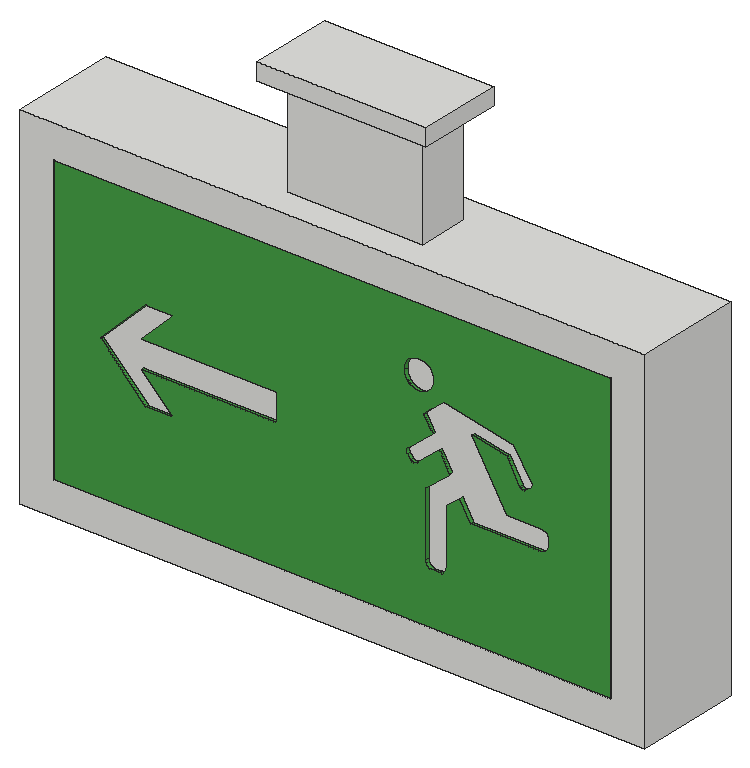
Revit family "T93062E Kubus65 Kombi LED syrefast stål LED driver_Tak", category Lighting Fixtures, Revit 2016
Family settings
  Part Type = Normal
  Round Connector Dimension = Use Diameter
  OmniClass Number = 23.80.70.11.21
  OmniClass Title = Emergency Lighting
  Work Plane-Based = No
  Always vertical = Yes
  Cut with Voids When Loaded = No
  Light Source = Yes
  Shared = No
  Room Calculation Point = No
Parameters (values of type "MarkeringsLys (Venstre)")
  Width 1 = 30 mm  # constant formula
  Width = 63.5 mm  # constant formula
  Wattage Comments = "17 W"
  Wattage = 9.2903 W
  built-in parameter 1150110 = 1 (stored number, unit not read)
  Voltage = 230 V
  URL = ""
  Type Comments = "-UN"
  built-in parameter 1114217 = 1 (stored number, unit not read)
  Tilt Angle = 90.00°
  built-in parameter 1150109 = 1 (stored number, unit not read)
  built-in parameter 1150134 = 3
  Symbol Positive Direction [instance] = yes
  Symbol Offset Side [instance] = 0 mm
  Symbol Offset Out [instance] = 0 mm
  built-in parameter 1150113 = 1 (stored number, unit not read)
  Reference Line Out [instance] = 50 mm
  Photometric Web File = "20x42A12.ies"
  Number of Poles = 1
  NS8360 = "4431_WT2"
  Markeringslys normal = no
  Markeringslys ikke normal = yes
  MarkeringsLys Venstre = yes
  MarkeringsLys Opp = no
  MarkeringsLys Ned = no
  MarkeringsLys Høyre = no
  MarkeringsLys 45 Opp mot venstre = no
  MarkeringsLys 45 Opp mot høyre = no
  MarkeringsLys 45 Ned mot venstre = no
  MarkeringsLys 45 Ned mot høyre = no
  MarkeringsLys = yes
  built-in parameter 1150105 = 109.82 (stored number, unit not read)
  Lumens = 1380 lm
  built-in parameter 1150115 = 1 (stored number, unit not read)
  Load Classification [instance] = Other
  Model = ""
  Manufacturer = "Honeywell"
  built-in parameter 1150137 = (empty or 0)
  built-in parameter 1150139 = (empty or 0)
  Length 3 = 80 mm  # constant formula
  Length 1 = Length - 40 mm  # 330 mm
  Length = 370 mm  # constant formula
  LedeLys = no
  built-in parameter 1150112 = 1 (stored number, unit not read)
  built-in parameter 1150114 = 1 (stored number, unit not read)
  Lamp = "1"
  Keynote = "WT2"
  built-in parameter 1150132 = (empty or 0)
  built-in parameter 1150102 = (empty or 0)
  built-in parameter 1150107 = 3200 (stored number, unit not read)
  built-in parameter 1150138 = (empty or 0)
  built-in parameter 1150106 = 1.0982 (stored number, unit not read)
  Height 2 = 70 mm  # constant formula
  Height 1 = Height - 39 mm  # 170 mm
  Height = 209 mm  # constant formula
  Emit from Rectangle Width = Height  # 209 mm
  Emit from Rectangle Length = Length  # 370 mm
  Emit Shape Visible in Rendering = no
  built-in parameter 1150104 = 13.8 (stored number, unit not read)
  Dimming Lamp Color Temperature Shift = <None>
  Description = ""
  Color Filter = 16777215
  Body Material and Colour = Steel
  built-in parameter 1114218 = 1 (stored number, unit not read)
  built-in parameter 1150133 = 10 (stored number, unit not read)
  Assembly Code = "4431"
  Apparent Load = 17 VA
Types (9, lengths in mm): name | NS8360 | Markeringslys normal | Markeringslys ikke normal | MarkeringsLys Venstre | MarkeringsLys Opp | MarkeringsLys Ned | MarkeringsLys Høyre | MarkeringsLys 45 Opp mot venstre | MarkeringsLys 45 Opp mot høyre | MarkeringsLys 45 Ned mot venstre | MarkeringsLys 45 Ned mot høyre | MarkeringsLys | LedeLys | Assembly Code
  LedeLys | "4432_WT2" | yes | no | no | no | no | no | no | no | no | no | no | yes | "4432"
  MarkeringsLys (Ned) | "4431_WT2" | yes | no | no | no | yes | no | no | no | no | no | yes | no | "4431"
  MarkeringsLys (Opp) | "4431_WT2" | yes | no | no | yes | no | no | no | no | no | no | yes | no | "4431"
  MarkeringsLys (45 Ned mot høyre) | "4431_WT2" | yes | no | no | no | no | no | no | no | no | yes | yes | no | "4431"
  MarkeringsLys (45 Ned mot venstre) | "4431_WT2" | no | yes | no | no | no | no | no | no | yes | no | yes | no | "4431"
  MarkeringsLys (45 Opp mot høyre) | "4431_WT2" | yes | no | no | no | no | no | no | yes | no | no | yes | no | "4431"
  MarkeringsLys (45 Opp mot venstre) | "4431_WT2" | no | yes | no | no | no | no | yes | no | no | no | yes | no | "4431"
  MarkeringsLys (Høyre) | "4431_WT2" | yes | no | no | no | no | yes | no | no | no | no | yes | no | "4431"
  MarkeringsLys (Venstre) | "4431_WT2" | no | yes | yes | no | no | no | no | no | no | no | yes | no | "4431"
Reference planes
  plane 1 "Light Source Axis (F/B)": y = 119.961
  plane 2 "Top": z = 83
  plane 3 "Light Source Axis (L/R)": x = 0
  plane 4 "Level": z = 0
  plane 5: x = -185
  plane 6: x = 185
  plane 7: x = -165
  plane 8: x = 165
  plane 9: z = -174.5
  plane 10: z = -70
  plane 11: z = -279
  plane 12: z = -89.5
  plane 13: z = -259.5
  plane 14: y = 151.711
  plane 15: y = 88.211
  plane 16: x = -40
  plane 17: x = 40
  plane 18: y = 134.961
  plane 19: y = 104.961
  plane 20: y = 90.211
  plane 21: y = 149.711
Forms (mm)
  Extrusion 1, solid, material "Steel" <- "Body Material and Colour"
    sketch origin (0, 119.961, -31.25) x (1, 0, 0) y (0, 0, 1)
      loop
        line (-185, -38.75) -> (-185, -247.75) -> (185, -247.75) -> (185, -38.75) -> (-185, -38.75)
      loop
        line (-165, -58.25) -> (-165, -228.25) -> (165, -228.25) -> (165, -58.25) -> (-165, -58.25)
    from -31.75 to 31.75
  Extrusion 2, solid, material "Steel" <- "Body Material and Colour"
    sketch origin (0, 0, 0) x (1, 0, 0) y (0, 1, 0)
      loop
        line (-40, 134.961) -> (-40, 104.961) -> (40, 104.961) -> (40, 134.961) -> (-40, 134.961)
    from 0 to -70
  Extrusion 3, solid, material "Steel" <- "Body Material and Colour"
    sketch origin (0, 0, 0) x (0, 1, 0) y (0, 0, 1)
      loop
        line (149.711, -70) -> (90.211, -70) -> (90.211, -279) -> (149.711, -279) -> (149.711, -70)
    from -185 to 185
  Extrusion 4, solid, material "Steel" <- "Body Material and Colour"
    sketch origin (0, 0, 0) x (1, 0, 0) y (0, 1, 0)
      loop
        line (-50, 144.961) -> (-50, 94.961) -> (50, 94.961) -> (50, 144.961) -> (-50, 144.961)
    from 0 to -10
Cuts and joins
  joined: Extrusion 1, Extrusion 2, Extrusion 3, Extrusion 4
Lines and regions (mm)
  model lines, style "InvisibleLines"
    curve 1: line (0, 119.961, 0) -> (0, 169.961, 0)
  symbolic lines, style "InvisibleLines"
    curve 2: line (0, 119.961, 0) -> (0, 119.961, 50)
Dimensions and locks
  equal spacing: plane 5, plane 3 "Light Source Axis (L/R)", plane 6
  "Length": plane 5 to plane 6
  equal spacing: plane 7, plane 3 "Light Source Axis (L/R)", plane 8
  "Length 1": plane 7 to plane 8
  "Reference Line Out": plane 1 "Light Source Axis (F/B)" to curve 1
  "Height 2": plane 4 "Level" to plane 10
  "Emit from Rectangle Width": plane 10 to plane 11
  equal spacing: plane 10, plane 9, plane 11
  equal spacing: plane 12, plane 9, plane 13
  "Height 1": plane 12 to plane 13
  equal spacing: plane 14, plane 1 "Light Source Axis (F/B)", plane 15
  "Width": plane 14 to plane 15
  equal spacing: plane 16, plane 3 "Light Source Axis (L/R)", plane 17
  "Length 3": plane 16 to plane 17
  equal spacing: plane 18, plane 1 "Light Source Axis (F/B)", plane 19
  "Width 1": plane 18 to plane 19
  locked: Extrusion 4 sketch curve to plane 16 at 10
  locked: plane 17 to Extrusion 4 sketch curve at 10
  locked: plane 19 to Extrusion 4 sketch curve at 10
  locked: plane 18 to Extrusion 4 sketch curve at 10
  aligned and locked: plane 4 "Level" to level
  aligned and locked: plane 3 "Light Source Axis (L/R)" to nested 2
  aligned and locked: plane 1 "Light Source Axis (F/B)" to nested 2
  aligned and locked: Extrusion 1 sketch curve to plane 6
  aligned and locked: plane 5 to Extrusion 1 sketch curve
  aligned and locked: Extrusion 1 sketch curve to plane 7
  aligned and locked: Extrusion 1 sketch curve to plane 8
  aligned and locked: plane 9 to imposter light
  aligned and locked: imposter light to plane 3 "Light Source Axis (L/R)"
  aligned and locked: plane 1 "Light Source Axis (F/B)" to curve 1
  aligned and locked: plane 3 "Light Source Axis (L/R)" to curve 1
  aligned and locked: Extrusion 2 to plane 10
  aligned and locked: Extrusion 1 to plane 11
  aligned and locked: plane 10 to Extrusion 1
  aligned and locked: nested 1 to plane 3 "Light Source Axis (L/R)"
  aligned and locked: Extrusion 1 to Extrusion 3 sketch curve
  aligned and locked: plane 3 "Light Source Axis (L/R)" to nested 4
  aligned and locked: nested 6 to plane 3 "Light Source Axis (L/R)"
  aligned and locked: nested 6 to plane 9
  aligned and locked: plane 3 "Light Source Axis (L/R)" to nested 5
  aligned and locked: plane 9 to nested 5
  aligned and locked: nested 8 to plane 3 "Light Source Axis (L/R)"
  aligned and locked: nested 8 to plane 9
  aligned and locked: plane 9 to nested 7
  aligned and locked: plane 3 "Light Source Axis (L/R)" to nested 7
  aligned and locked: nested 9 to plane 9
  aligned and locked: nested 9 to plane 3 "Light Source Axis (L/R)"
  aligned and locked: plane 9 to nested 4
  aligned and locked: plane 3 "Light Source Axis (L/R)" to nested 3
  aligned and locked: plane 9 to nested 3
  aligned and locked: plane 9 to nested 10
  aligned and locked: plane 3 "Light Source Axis (L/R)" to nested 10
  aligned and locked: nested 11 to plane 3 "Light Source Axis (L/R)"
  aligned and locked: nested 11 to plane 9
  aligned and locked: plane 9 to nested 12
  aligned and locked: nested 13 to plane 9
  aligned and locked: plane 3 "Light Source Axis (L/R)" to nested 12
  aligned and locked: nested 13 to plane 3 "Light Source Axis (L/R)"
  aligned and locked: nested 15 to plane 9
  aligned and locked: plane 9 to nested 14
  aligned and locked: plane 3 "Light Source Axis (L/R)" to nested 14
  aligned and locked: nested 15 to plane 3 "Light Source Axis (L/R)"
  aligned and locked: plane 3 "Light Source Axis (L/R)" to nested 16
  aligned and locked: nested 17 to plane 3 "Light Source Axis (L/R)"
  aligned and locked: nested 17 to plane 9
  aligned and locked: plane 9 to nested 16
  aligned and locked: plane 17 to Extrusion 2
  aligned and locked: Extrusion 2 to plane 16
  aligned and locked: plane 18 to Extrusion 2
  aligned and locked: Extrusion 2 to plane 19
  aligned and locked: plane 14 to cut or joined group of Extrusion 1, Extrusion 2, Extrusion 3, Extrusion 4
  aligned and locked: nested 16 to plane 15
  aligned and locked: nested 17 to plane 14
  aligned and locked: Extrusion 1 sketch curve to plane 12
  aligned and locked: Extrusion 1 sketch curve to plane 13
  aligned and locked: cut or joined group of Extrusion 1, Extrusion 2, Extrusion 3, Extrusion 4 to plane 15
  aligned and locked: cut or joined group of Extrusion 1, Extrusion 2, Extrusion 3, Extrusion 4 to plane 20
  aligned and locked: plane 21 to cut or joined group of Extrusion 1, Extrusion 2, Extrusion 3, Extrusion 4
  aligned and locked: imposter light to plane 14
  aligned and locked: nested 11 to plane 14
  aligned and locked: nested 10 to plane 15
  aligned and locked: nested 13 to plane 14
  aligned and locked: nested 12 to plane 15
  aligned and locked: nested 8 to plane 14
  aligned and locked: nested 5 to plane 15
  aligned and locked: nested 15 to plane 14
  aligned and locked: nested 14 to plane 15
  aligned and locked: nested 9 to plane 14
  aligned and locked: nested 7 to plane 15
  aligned and locked: nested 1 to plane 14
  aligned and locked: nested 3 to plane 15
  aligned and locked: nested 6 to plane 14
  aligned and locked: nested 4 to plane 15
  aligned and locked: plane 3 "Light Source Axis (L/R)" to curve 2
  aligned and locked: plane 4 "Level" to curve 2
  aligned and locked: imposter light to nested 18
  aligned and locked: plane 1 "Light Source Axis (F/B)" to nested 18
Automatic sketch dimensions
  Extrusion 1 sketch curve to plane 11 = 0 mm
  Extrusion 1 sketch curve to plane 10 = 0 mm
  Extrusion 2 sketch curve to plane 3 "Light Source Axis (L/R)" = 40 mm
  plane 3 "Light Source Axis (L/R)" to Extrusion 2 sketch curve = 40 mm
  Extrusion 2 sketch curve to plane 14 = 16.75 mm
  plane 15 to Extrusion 2 sketch curve = 16.75 mm
  Extrusion 3 sketch curve to plane 11 = 0 mm
  plane 1 "Light Source Axis (F/B)" to Extrusion 3 sketch curve = 29.75 mm
  Extrusion 3 sketch curve to plane 1 "Light Source Axis (F/B)" = 29.75 mm
  plane 2 "Top" to curve 2 = 33 mm
Nested families
  nested 1: "Formula 65_ned" at (0, 149.711, -174.5), type "Formula 65"
  nested 2: "LedelysS" at (0, 119.961, 0), visible <- "LedeLys", type "Type 1"
  nested 3: "Formula 65_ned" at (0, 90.211, -174.5), visible <- "MarkeringsLys Ned", type "Formula 65"
  nested 4: "Formula 65_opp" at (0, 90.211, -174.5), visible <- "MarkeringsLys Opp", type "Formula 65"
  nested 5: "Formula 65_skrått 45 grader ned mot venstre" at (0, 90.211, -174.5), type "Formula 65"
  nested 6: "Formula 65_opp" at (0, 149.711, -174.5), type "Formula 65"
  nested 7: "Formula 65_skrått 45 grader opp mot venstre" at (0, 90.211, -174.5), type "Formula 65"
  nested 8: "Formula 65_skrått 45 grader ned mot venstre" at (0, 149.711, -174.5), type "Formula 65"
  nested 9: "Formula 65_skrått 45 grader opp mot venstre" at (0, 149.711, -174.5), type "Formula 65"
  nested 10: "Formula 65_høyre" at (0, 90.211, -174.5), type "Formula 65"
  nested 11: "Formula 65_høyre" at (0, 149.711, -174.5), type "Formula 65"
  nested 12: "Formula 65_skrått 45 grader ned mot høyre" at (0, 90.211, -174.5), type "Formula 65"
  nested 13: "Formula 65_skrått 45 grader ned mot høyre" at (0, 149.711, -174.5), type "Formula 65"
  nested 14: "Formula 65_skrått 45 grader opp mot høyre" at (0, 90.211, -174.5), type "Formula 65"
  nested 15: "Formula 65_skrått 45 grader opp mot høyre" at (0, 149.711, -174.5), type "Formula 65"
  nested 16: "Formula 65_venstre" at (0, 90.211, -174.5), type "Formula 65"
  nested 17: "Formula 65_venstre" at (0, 149.711, -174.5), type "Formula 65"
  nested 18: "MarkeringslysDobbelS" at (0, 119.961, 0), visible <- "MarkeringsLys", type "Type 1"
    with Venstre yes, Opp no, Normal no, Ikke normal yes
Connectors
  electrical at (0, 119.961, 0), driven by "Number of Poles", driven by "Load Classification", driven by "Voltage", driven by "Apparent Load"
    settings: index 1, voltage 230 V, apparent load 0 VA, apparent load phase1 17 VA, apparent load phase2 0 VA, apparent load phase3 0 VA, power factor 1, load classification "Other", number of poles 1, system type 31, power factor state 1, is connector primary yes, connector utility no, sub classification motor no, connector description ""
Definition of nested family "Formula 65_venstre"
  Parameters (values of type "Formula 65")
    Venstre = yes
    L = 205 mm
    H = 135 mm
  Reference planes
    plane 1 "Center (Front/Back)": y = 0
    plane 2: z = 0
    plane 3 "Center (Left/Right)": x = 0
    plane 4: y = -2
  Forms (mm)
    Extrusion 1, solid, visible <- "Venstre"
      sketch origin (453.48, 0, -265.275) x (1, 0, 0) y (0, 0, 1)
        loop
          line (-288.48, 350.275) -> (-618.48, 350.275) -> (-618.48, 180.275) -> (-288.48, 180.275) -> (-288.48, 350.275)
        loop
          circle (-401.951, 312.164) r 8.743
        loop
          line (-394.79, 296.785) -> (-399.349, 292.225) -> (-394.237, 283.371) -> (-408.754, 271.19)
          arc (-408.754, 271.19) -> (-409.61, 269.546) -> (-409.052, 267.778) r 2.422
          line (-409.052, 267.778) -> (-406.977, 265.304)
          arc (-406.977, 265.304) -> (-405.333, 264.448) -> (-403.565, 265.006) r 2.422
          line (-403.565, 265.006) -> (-390.139, 276.272) -> (-383.991, 265.623) -> (-398.093, 253.79) -> (-398.093, 215.253)
          arc (-398.093, 215.253) -> (-396.911, 212.399) -> (-394.056, 211.217) r 4.036
          line (-394.056, 211.217) -> (-390.02, 211.217)
          arc (-390.02, 211.217) -> (-387.166, 212.399) -> (-385.984, 215.253) r 4.036
          line (-385.984, 215.253) -> (-385.984, 248.144) -> (-377.843, 254.975) -> (-371.394, 243.805) -> (-329.475, 243.805)
          arc (-329.475, 243.805) -> (-326.621, 244.987) -> (-325.439, 247.841) r 4.036
          line (-325.439, 247.841) -> (-325.439, 251.878)
          arc (-325.439, 251.878) -> (-326.621, 254.732) -> (-329.475, 255.914) r 4.036
          line (-329.475, 255.914) -> (-350.421, 255.914) -> (-370.749, 291.125) -> (-349.745, 287.035) -> (-342.179, 273.93)
          arc (-342.179, 273.93) -> (-340.647, 272.786) -> (-338.763, 273.11) r 2.422
          line (-338.763, 273.11) -> (-335.966, 274.927)
          arc (-335.966, 274.927) -> (-334.916, 276.454) -> (-335.254, 278.277) r 2.422
          line (-335.254, 278.277) -> (-345.781, 294.487) -> (-387.782, 302.665) -> (-394.79, 296.785)
        loop
          line (-563.943, 292.337) -> (-591.005, 265.275) -> (-563.943, 238.213) -> (-547.706, 238.213) -> (-566.649, 257.156) -> (-486.505, 257.156) -> (-486.505, 273.393) -> (-566.649, 273.393) -> (-547.706, 292.337) -> (-563.943, 292.337)
      from 0 to 2
  Dimensions and locks
    aligned and locked: level to plane 2
Definition of nested family "Formula 65_ned"
  Parameters (values of type "Formula 65")
    Ned = no
    L = 205 mm
    H = 135 mm
  Reference planes
    plane 1 "Center (Front/Back)": y = 0
    plane 2: z = 0
    plane 3 "Center (Left/Right)": x = 0
    plane 4: y = -2
  Forms (mm)
    Extrusion 1, solid, visible <- "Ned"
      sketch origin (453.48, 0, -265.275) x (1, 0, 0) y (0, 0, 1)
        loop
          line (-288.48, 350.275) -> (-618.48, 350.275) -> (-618.48, 180.275) -> (-288.48, 180.275) -> (-288.48, 350.275)
        loop
          line (-505.328, 240.087) -> (-505.328, 256.324) -> (-524.271, 237.38) -> (-524.271, 317.525) -> (-540.508, 317.525) -> (-540.508, 237.38) -> (-559.451, 256.324) -> (-559.451, 240.087) -> (-532.389, 213.025) -> (-505.328, 240.087)
        loop
          circle (-416.951, 312.164) r 8.743
        loop
          line (-409.79, 296.785) -> (-414.349, 292.225) -> (-409.237, 283.371) -> (-423.754, 271.19)
          arc (-423.754, 271.19) -> (-424.61, 269.546) -> (-424.052, 267.778) r 2.422
          line (-424.052, 267.778) -> (-421.977, 265.304)
          arc (-421.977, 265.304) -> (-420.333, 264.448) -> (-418.565, 265.006) r 2.422
          line (-418.565, 265.006) -> (-405.139, 276.272) -> (-398.991, 265.623) -> (-413.093, 253.79) -> (-413.093, 215.253)
          arc (-413.093, 215.253) -> (-411.911, 212.399) -> (-409.056, 211.217) r 4.036
          line (-409.056, 211.217) -> (-405.02, 211.217)
          arc (-405.02, 211.217) -> (-402.166, 212.399) -> (-400.984, 215.253) r 4.036
          line (-400.984, 215.253) -> (-400.984, 248.144) -> (-392.843, 254.975) -> (-386.394, 243.805) -> (-344.475, 243.805)
          arc (-344.475, 243.805) -> (-341.621, 244.987) -> (-340.439, 247.841) r 4.036
          line (-340.439, 247.841) -> (-340.439, 251.878)
          arc (-340.439, 251.878) -> (-341.621, 254.732) -> (-344.475, 255.914) r 4.036
          line (-344.475, 255.914) -> (-365.421, 255.914) -> (-385.749, 291.125) -> (-364.745, 287.035) -> (-357.179, 273.93)
          arc (-357.179, 273.93) -> (-355.647, 272.786) -> (-353.763, 273.11) r 2.422
          line (-353.763, 273.11) -> (-350.966, 274.927)
          arc (-350.966, 274.927) -> (-349.916, 276.454) -> (-350.254, 278.277) r 2.422
          line (-350.254, 278.277) -> (-360.781, 294.487) -> (-402.782, 302.665) -> (-409.79, 296.785)
      from 0 to 2
  Dimensions and locks
    aligned and locked: level to plane 2
Definition of nested family "LedelysS"
  Parameters
    CQ Symbol Positive Direction = yes
    CQ Symbol Negative Direction = not(CQ Symbol Positive Direction)  # no
    CQ Symbol Offset Side = 0 mm
    CQ Symbol Offset Out = 0 mm
  Reference planes
    plane 1: y = 0
    plane 2: x = 0
  Dimensions and locks
    "CQ Symbol Offset Out": plane 1 to nested 1
    "CQ Symbol Offset Out": plane 1 to nested 2
    "CQ Symbol Offset Side": plane 2 to nested 2
    "CQ Symbol Offset Side": nested 1 to plane 2
  Nested families
    nested 1: "LedelysSub" at (0, 0, 0), visible <- "CQ Symbol Negative Direction", type "Type 1"
    nested 2: "LedelysSub" at (0, 0, 0), visible <- "CQ Symbol Positive Direction", type "Type 1"
  Definition of nested family "LedelysSub"
    Reference planes
      plane 1: y = 0
      plane 2: x = 0
    Lines and regions (mm)
      detail lines
        curve 1: line (-4, -2, 0) -> (4, -2, 0)
        curve 2: line (4, -2, 0) -> (4, 2, 0)
        curve 3: line (4, 2, 0) -> (-4, 2, 0)
        curve 4: line (-4, 2, 0) -> (-4, -2, 0)
        curve 5: line (-3.097, -1.25, 0) -> (-0.597, 1.25, 0)
        curve 6: line (-3.097, 1.25, 0) -> (-0.597, -1.25, 0)
        curve 7: circle (-1.847, 0, 0) r 1.2 normal (0, 0, 1)
    Text (mm)
      text "LL" at (2.179, 1.025, 0)
Definition of nested family "Formula 65_opp"
  Parameters (values of type "Formula 65")
    Up = no
    L = 205 mm
    H = 135 mm
  Reference planes
    plane 1 "Center (Front/Back)": y = 0
    plane 2: z = 0
    plane 3 "Center (Left/Right)": x = 0
    plane 4: y = -2
  Forms (mm)
    Extrusion 1, solid, visible <- "Up"
      sketch origin (453.48, 0, -265.275) x (1, 0, 0) y (0, 0, 1)
        loop
          line (-288.48, 350.275) -> (-618.48, 350.275) -> (-618.48, 180.275) -> (-288.48, 180.275) -> (-288.48, 350.275)
        loop
          circle (-406.951, 312.164) r 8.743
        loop
          line (-399.79, 296.785) -> (-404.349, 292.225) -> (-399.237, 283.371) -> (-413.754, 271.19)
          arc (-413.754, 271.19) -> (-414.61, 269.546) -> (-414.052, 267.778) r 2.422
          line (-414.052, 267.778) -> (-411.977, 265.304)
          arc (-411.977, 265.304) -> (-410.333, 264.448) -> (-408.565, 265.006) r 2.422
          line (-408.565, 265.006) -> (-395.139, 276.272) -> (-388.991, 265.623) -> (-403.093, 253.79) -> (-403.093, 215.253)
          arc (-403.093, 215.253) -> (-401.911, 212.399) -> (-399.056, 211.217) r 4.036
          line (-399.056, 211.217) -> (-395.02, 211.217)
          arc (-395.02, 211.217) -> (-392.166, 212.399) -> (-390.984, 215.253) r 4.036
          line (-390.984, 215.253) -> (-390.984, 248.144) -> (-382.843, 254.975) -> (-376.394, 243.805) -> (-334.475, 243.805)
          arc (-334.475, 243.805) -> (-331.621, 244.987) -> (-330.439, 247.841) r 4.036
          line (-330.439, 247.841) -> (-330.439, 251.878)
          arc (-330.439, 251.878) -> (-331.621, 254.732) -> (-334.475, 255.914) r 4.036
          line (-334.475, 255.914) -> (-355.421, 255.914) -> (-375.749, 291.125) -> (-354.745, 287.035) -> (-347.179, 273.93)
          arc (-347.179, 273.93) -> (-345.647, 272.786) -> (-343.763, 273.11) r 2.422
          line (-343.763, 273.11) -> (-340.966, 274.927)
          arc (-340.966, 274.927) -> (-339.916, 276.454) -> (-340.254, 278.277) r 2.422
          line (-340.254, 278.277) -> (-350.781, 294.487) -> (-392.782, 302.665) -> (-399.79, 296.785)
        loop
          line (-505.328, 290.463) -> (-532.389, 317.525) -> (-559.451, 290.463) -> (-559.451, 274.226) -> (-540.508, 293.169) -> (-540.508, 213.025) -> (-524.271, 213.025) -> (-524.271, 293.169) -> (-505.328, 274.226) -> (-505.328, 290.463)
      from 0 to 2
  Dimensions and locks
    aligned and locked: level to plane 2
Definition of nested family "Formula 65_skrått 45 grader ned mot venstre"
  Parameters (values of type "Formula 65")
    L = 205 mm
    H = 135 mm
    45 ned mot venstre = no
  Reference planes
    plane 1 "Center (Front/Back)": y = 0
    plane 2: z = 0
    plane 3 "Center (Left/Right)": x = 0
    plane 4: y = -2
  Forms (mm)
    Extrusion 1, solid, visible <- "45 ned mot venstre"
      sketch origin (453.48, 0, -265.275) x (1, 0, 0) y (0, 0, 1)
        loop
          line (-288.48, 350.275) -> (-618.48, 350.275) -> (-618.48, 180.275) -> (-288.48, 180.275) -> (-288.48, 350.275)
        loop
          circle (-416.951, 312.164) r 8.743
        loop
          line (-409.79, 296.785) -> (-414.349, 292.225) -> (-409.237, 283.371) -> (-423.754, 271.19)
          arc (-423.754, 271.19) -> (-424.61, 269.546) -> (-424.052, 267.778) r 2.422
          line (-424.052, 267.778) -> (-421.977, 265.304)
          arc (-421.977, 265.304) -> (-420.333, 264.448) -> (-418.565, 265.006) r 2.422
          line (-418.565, 265.006) -> (-405.139, 276.272) -> (-398.991, 265.623) -> (-413.093, 253.79) -> (-413.093, 215.253)
          arc (-413.093, 215.253) -> (-411.911, 212.399) -> (-409.056, 211.217) r 4.036
          line (-409.056, 211.217) -> (-405.02, 211.217)
          arc (-405.02, 211.217) -> (-402.166, 212.399) -> (-400.984, 215.253) r 4.036
          line (-400.984, 215.253) -> (-400.984, 248.144) -> (-392.843, 254.975) -> (-386.394, 243.805) -> (-344.475, 243.805)
          arc (-344.475, 243.805) -> (-341.621, 244.987) -> (-340.439, 247.841) r 4.036
          line (-340.439, 247.841) -> (-340.439, 251.878)
          arc (-340.439, 251.878) -> (-341.621, 254.732) -> (-344.475, 255.914) r 4.036
          line (-344.475, 255.914) -> (-365.421, 255.914) -> (-385.749, 291.125) -> (-364.745, 287.035) -> (-357.179, 273.93)
          arc (-357.179, 273.93) -> (-355.647, 272.786) -> (-353.763, 273.11) r 2.422
          line (-353.763, 273.11) -> (-350.966, 274.927)
          arc (-350.966, 274.927) -> (-349.916, 276.454) -> (-350.254, 278.277) r 2.422
          line (-350.254, 278.277) -> (-360.781, 294.487) -> (-402.782, 302.665) -> (-409.79, 296.785)
        loop
          line (-588.076, 266.6) -> (-588.076, 228.328) -> (-549.805, 228.328) -> (-538.323, 239.81) -> (-565.113, 239.81) -> (-508.443, 296.48) -> (-519.924, 307.962) -> (-576.595, 251.291) -> (-576.595, 278.081) -> (-588.076, 266.6)
      from 0 to 2
  Dimensions and locks
    aligned and locked: level to plane 2
Definition of nested family "Formula 65_skrått 45 grader opp mot venstre"
  Parameters (values of type "Formula 65")
    L = 205 mm
    H = 135 mm
    45 opp mot venstre = no
  Reference planes
    plane 1 "Center (Front/Back)": y = 0
    plane 2: z = 0
    plane 3 "Center (Left/Right)": x = 0
    plane 4: y = -2
  Forms (mm)
    Extrusion 1, solid, visible <- "45 opp mot venstre"
      sketch origin (453.48, 0, -265.275) x (1, 0, 0) y (0, 0, 1)
        loop
          line (-288.48, 350.275) -> (-618.48, 350.275) -> (-618.48, 180.275) -> (-288.48, 180.275) -> (-288.48, 350.275)
        loop
          circle (-420.272, 307.901) r 7.948
        loop
          line (-413.762, 293.92) -> (-417.907, 289.775) -> (-413.259, 281.726) -> (-426.456, 270.652)
          arc (-426.456, 270.652) -> (-427.234, 269.157) -> (-426.728, 267.55) r 2.202
          line (-426.728, 267.55) -> (-424.841, 265.302)
          arc (-424.841, 265.302) -> (-423.346, 264.524) -> (-421.739, 265.03) r 2.202
          line (-421.739, 265.03) -> (-409.533, 275.272) -> (-403.944, 265.592) -> (-416.764, 254.834) -> (-416.764, 219.801)
          arc (-416.764, 219.801) -> (-415.69, 217.206) -> (-413.095, 216.131) r 3.669
          line (-413.095, 216.131) -> (-409.425, 216.131)
          arc (-409.425, 216.131) -> (-406.831, 217.206) -> (-405.756, 219.801) r 3.669
          line (-405.756, 219.801) -> (-405.756, 249.701) -> (-398.355, 255.911) -> (-392.493, 245.757) -> (-354.384, 245.757)
          arc (-354.384, 245.757) -> (-351.79, 246.832) -> (-350.715, 249.426) r 3.669
          line (-350.715, 249.426) -> (-350.715, 253.096)
          arc (-350.715, 253.096) -> (-351.79, 255.69) -> (-354.384, 256.765) r 3.669
          line (-354.384, 256.765) -> (-373.426, 256.765) -> (-391.907, 288.775) -> (-372.812, 285.056) -> (-365.934, 273.144)
          arc (-365.934, 273.144) -> (-364.541, 272.104) -> (-362.828, 272.398) r 2.202
          line (-362.828, 272.398) -> (-360.285, 274.049)
          arc (-360.285, 274.049) -> (-359.331, 275.438) -> (-359.638, 277.095) r 2.202
          line (-359.638, 277.095) -> (-369.208, 291.831) -> (-407.391, 299.266) -> (-413.762, 293.92)
        loop
          line (-575.84, 264.07) -> (-565.402, 253.633) -> (-565.402, 277.987) -> (-513.883, 226.468) -> (-503.446, 236.906) -> (-554.965, 288.425) -> (-530.61, 288.425) -> (-541.048, 298.862) -> (-575.84, 298.862) -> (-575.84, 264.07)
      from 0 to 2
  Dimensions and locks
    aligned and locked: level to plane 2
Definition of nested family "Formula 65_høyre"
  Parameters (values of type "Formula 65")
    L = 205 mm
    Høyre = no
    H = 135 mm
  Reference planes
    plane 1 "Center (Front/Back)": y = 0
    plane 2: z = 0
    plane 3 "Center (Left/Right)": x = 0
    plane 4: y = -2
  Forms (mm)
    Extrusion 1, solid, visible <- "Høyre"
      sketch origin (453.48, 0, -265.275) x (1, 0, 0) y (0, 0, 1)
        loop
          line (-288.48, 350.275) -> (-618.48, 350.275) -> (-618.48, 180.275) -> (-288.48, 180.275) -> (-288.48, 350.275)
        loop
          circle (-490.008, 312.164) r 8.743
        loop
          line (-497.169, 296.785) -> (-504.177, 302.665) -> (-546.178, 294.487) -> (-556.705, 278.277)
          arc (-556.705, 278.277) -> (-557.043, 276.454) -> (-555.993, 274.927) r 2.422
          line (-555.993, 274.927) -> (-553.196, 273.11)
          arc (-553.196, 273.11) -> (-551.312, 272.786) -> (-549.78, 273.93) r 2.422
          line (-549.78, 273.93) -> (-542.214, 287.035) -> (-521.21, 291.125) -> (-541.539, 255.914) -> (-562.484, 255.914)
          arc (-562.484, 255.914) -> (-565.338, 254.732) -> (-566.52, 251.878) r 4.036
          line (-566.52, 251.878) -> (-566.52, 247.841)
          arc (-566.52, 247.841) -> (-565.338, 244.987) -> (-562.484, 243.805) r 4.036
          line (-562.484, 243.805) -> (-520.565, 243.805) -> (-514.116, 254.975) -> (-505.975, 248.144) -> (-505.975, 215.253)
          arc (-505.975, 215.253) -> (-504.793, 212.399) -> (-501.939, 211.217) r 4.036
          line (-501.939, 211.217) -> (-497.903, 211.217)
          arc (-497.903, 211.217) -> (-495.049, 212.399) -> (-493.866, 215.253) r 4.036
          line (-493.866, 215.253) -> (-493.866, 253.79) -> (-507.968, 265.623) -> (-501.82, 276.272) -> (-488.394, 265.006)
          arc (-488.394, 265.006) -> (-486.627, 264.448) -> (-484.982, 265.304) r 2.422
          line (-484.982, 265.304) -> (-482.907, 267.778)
          arc (-482.907, 267.778) -> (-482.349, 269.546) -> (-483.205, 271.19) r 2.422
          line (-483.205, 271.19) -> (-497.722, 283.371) -> (-492.61, 292.225) -> (-497.169, 296.785)
        loop
          line (-343.016, 292.337) -> (-359.253, 292.337) -> (-340.31, 273.393) -> (-420.455, 273.393) -> (-420.455, 257.156) -> (-340.31, 257.156) -> (-359.253, 238.213) -> (-343.016, 238.213) -> (-315.955, 265.275) -> (-343.016, 292.337)
      from 0 to 2
  Dimensions and locks
    aligned and locked: level to plane 2
Definition of nested family "Formula 65_skrått 45 grader ned mot høyre"
  Parameters (values of type "Formula 65")
    L = 205 mm
    H = 135 mm
    45 ned mot høyre = no
  Reference planes
    plane 1 "Center (Front/Back)": y = 0
    plane 2: z = 0
    plane 3 "Center (Left/Right)": x = 0
    plane 4: y = -2
  Forms (mm)
    Extrusion 1, solid, visible <- "45 ned mot høyre"
      sketch origin (453.48, 0, -265.275) x (1, 0, 0) y (0, 0, 1)
        loop
          line (-288.48, 350.275) -> (-618.48, 350.275) -> (-618.48, 180.275) -> (-288.48, 180.275) -> (-288.48, 350.275)
        loop
          circle (-490.008, 312.164) r 8.743
        loop
          line (-497.169, 296.785) -> (-504.177, 302.665) -> (-546.178, 294.487) -> (-556.705, 278.277)
          arc (-556.705, 278.277) -> (-557.043, 276.454) -> (-555.993, 274.927) r 2.422
          line (-555.993, 274.927) -> (-553.196, 273.11)
          arc (-553.196, 273.11) -> (-551.312, 272.786) -> (-549.78, 273.93) r 2.422
          line (-549.78, 273.93) -> (-542.214, 287.035) -> (-521.21, 291.125) -> (-541.539, 255.914) -> (-562.484, 255.914)
          arc (-562.484, 255.914) -> (-565.338, 254.732) -> (-566.52, 251.878) r 4.036
          line (-566.52, 251.878) -> (-566.52, 247.841)
          arc (-566.52, 247.841) -> (-565.338, 244.987) -> (-562.484, 243.805) r 4.036
          line (-562.484, 243.805) -> (-520.565, 243.805) -> (-514.116, 254.975) -> (-505.975, 248.144) -> (-505.975, 215.253)
          arc (-505.975, 215.253) -> (-504.793, 212.399) -> (-501.939, 211.217) r 4.036
          line (-501.939, 211.217) -> (-497.903, 211.217)
          arc (-497.903, 211.217) -> (-495.049, 212.399) -> (-493.866, 215.253) r 4.036
          line (-493.866, 215.253) -> (-493.866, 253.79) -> (-507.968, 265.623) -> (-501.82, 276.272) -> (-488.394, 265.006)
          arc (-488.394, 265.006) -> (-486.627, 264.448) -> (-484.982, 265.304) r 2.422
          line (-484.982, 265.304) -> (-482.907, 267.778)
          arc (-482.907, 267.778) -> (-482.349, 269.546) -> (-483.205, 271.19) r 2.422
          line (-483.205, 271.19) -> (-497.722, 283.371) -> (-492.61, 292.225) -> (-497.169, 296.785)
        loop
          line (-324.383, 266.6) -> (-335.865, 278.081) -> (-335.865, 251.291) -> (-392.535, 307.962) -> (-404.017, 296.48) -> (-347.346, 239.81) -> (-374.136, 239.81) -> (-362.654, 228.328) -> (-324.383, 228.328) -> (-324.383, 266.6)
      from 0 to 2
  Dimensions and locks
    aligned and locked: level to plane 2
Definition of nested family "Formula 65_skrått 45 grader opp mot høyre"
  Parameters (values of type "Formula 65")
    L = 205 mm
    H = 135 mm
    45 grader opp mot høyre = no
  Reference planes
    plane 1 "Center (Front/Back)": y = 0
    plane 2: z = 0
    plane 3 "Center (Left/Right)": x = 0
    plane 4: y = -2
  Forms (mm)
    Extrusion 1, solid, visible <- "45 grader opp mot høyre"
      sketch origin (453.48, 0, -265.275) x (1, 0, 0) y (0, 0, 1)
        loop
          line (-288.48, 350.275) -> (-618.48, 350.275) -> (-618.48, 180.275) -> (-288.48, 180.275) -> (-288.48, 350.275)
        loop
          circle (-505.008, 312.164) r 8.743
        loop
          line (-512.169, 296.785) -> (-519.177, 302.665) -> (-561.178, 294.487) -> (-571.705, 278.277)
          arc (-571.705, 278.277) -> (-572.043, 276.454) -> (-570.993, 274.927) r 2.422
          line (-570.993, 274.927) -> (-568.196, 273.11)
          arc (-568.196, 273.11) -> (-566.312, 272.786) -> (-564.78, 273.93) r 2.422
          line (-564.78, 273.93) -> (-557.214, 287.035) -> (-536.21, 291.125) -> (-556.539, 255.914) -> (-577.484, 255.914)
          arc (-577.484, 255.914) -> (-580.338, 254.732) -> (-581.52, 251.878) r 4.036
          line (-581.52, 251.878) -> (-581.52, 247.841)
          arc (-581.52, 247.841) -> (-580.338, 244.987) -> (-577.484, 243.805) r 4.036
          line (-577.484, 243.805) -> (-535.565, 243.805) -> (-529.116, 254.975) -> (-520.975, 248.144) -> (-520.975, 215.253)
          arc (-520.975, 215.253) -> (-519.793, 212.399) -> (-516.939, 211.217) r 4.036
          line (-516.939, 211.217) -> (-512.903, 211.217)
          arc (-512.903, 211.217) -> (-510.049, 212.399) -> (-508.866, 215.253) r 4.036
          line (-508.866, 215.253) -> (-508.866, 253.79) -> (-522.968, 265.623) -> (-516.82, 276.272) -> (-503.394, 265.006)
          arc (-503.394, 265.006) -> (-501.627, 264.448) -> (-499.982, 265.304) r 2.422
          line (-499.982, 265.304) -> (-497.907, 267.778)
          arc (-497.907, 267.778) -> (-497.349, 269.546) -> (-498.205, 271.19) r 2.422
          line (-498.205, 271.19) -> (-512.722, 283.371) -> (-507.61, 292.225) -> (-512.169, 296.785)
        loop
          line (-324.383, 263.95) -> (-324.383, 302.221) -> (-362.654, 302.221) -> (-374.136, 290.74) -> (-347.346, 290.74) -> (-404.017, 234.069) -> (-392.535, 222.588) -> (-335.865, 279.258) -> (-335.865, 252.469) -> (-324.383, 263.95)
      from 0 to 2
  Dimensions and locks
    aligned and locked: level to plane 2
Definition of nested family "MarkeringslysDobbelS"
  Parameters (values of type "Type 1")
    Venstre opp 45 = no
    Venstre ned 45 = no
    Venstre = no
    Opp = yes
    Normal = yes
    Ned = no
    Ikke normal = no
    Høyre opp 45 = no
    Høyre ned 45 = no
    Høyre = no
    CQ Symbol Positive Direction = yes
    CQ Symbol Negative Direction = not(CQ Symbol Positive Direction)  # no
    CQ Symbol Offset Side = 0 mm
    CQ Symbol Offset Out = 0 mm
  Reference planes
    plane 1: y = 0
    plane 2: x = 0
  Dimensions and locks
    "CQ Symbol Offset Out": plane 1 to nested 1
    "CQ Symbol Offset Out": plane 1 to nested 2
    "CQ Symbol Offset Side": plane 2 to nested 2
    "CQ Symbol Offset Side": nested 1 to plane 2
  Nested families
    nested 1: "Markeringslys dobbel" at (0, 0, 0), visible <- "CQ Symbol Negative Direction", type "Type 1"
    nested 2: "Markeringslys dobbel" at (0, 0, 0), visible <- "CQ Symbol Positive Direction", type "Type 1"
  Definition of nested family "Markeringslys dobbel"
    Parameters (values of type "Type 1")
      Venstre opp 45 = no
      Venstre ned 45 = no
      Venstre = no
      Opp = yes
      Normal = yes
      Ned = no
      Ikke normal = no
      Høyre opp 45 = no
      Høyre ned 45 = no
      Høyre = no
    Reference planes
      plane 1: y = 0
      plane 2: x = 0
    Lines and regions (mm)
      detail lines
        curve 1: line (4, -4, 0) -> (-4, -4, 0)
        curve 2: line (-4, -4, 0) -> (-4, 0, 0)
        curve 3: line (-4, 0, 0) -> (4, 0, 0)
        curve 4: line (4, 0, 0) -> (4, -4, 0)
        curve 45: line (-4, 4, 0) -> (4, 4, 0)
        curve 46: line (4, 4, 0) -> (4, 0, 0)
        curve 47: line (4, 0, 0) -> (-4, 0, 0)
        curve 48: line (-4, 0, 0) -> (-4, 4, 0)
        curve 58: circle (1.212, 0.614, 0) r 0.3 normal (0, 0, -1)
      detail lines, visible <- "Ned"
        curve 5: line (2.346, -0.5, 0) -> (1.646, -0.5, 0)
        curve 6: line (2.346, -0.5, 0) -> (2.346, -2.584, 0)
        curve 7: line (1.646, -0.5, 0) -> (1.646, -2.584, 0)
        curve 8: line (1.996, -3.5, 0) -> (2.996, -2.5, 0)
        curve 9: line (2.996, -2.5, 0) -> (2.996, -1.934, 0)
        curve 10: line (2.996, -1.934, 0) -> (2.346, -2.584, 0)
        curve 11: line (1.996, -3.5, 0) -> (0.996, -2.5, 0)
        curve 12: line (0.996, -2.5, 0) -> (0.996, -1.934, 0)
        curve 13: line (0.996, -1.934, 0) -> (1.646, -2.584, 0)
        curve 49: line (-2.346, 0.5, 0) -> (-1.646, 0.5, 0)
        curve 50: line (-2.346, 0.5, 0) -> (-2.346, 2.584, 0)
        curve 51: line (-1.646, 0.5, 0) -> (-1.646, 2.584, 0)
        curve 52: line (-1.996, 3.5, 0) -> (-2.996, 2.5, 0)
        curve 53: line (-2.996, 2.5, 0) -> (-2.996, 1.934, 0)
        curve 54: line (-2.996, 1.934, 0) -> (-2.346, 2.584, 0)
        curve 55: line (-1.996, 3.5, 0) -> (-0.996, 2.5, 0)
        curve 56: line (-0.996, 2.5, 0) -> (-0.996, 1.934, 0)
        curve 57: line (-0.996, 1.934, 0) -> (-1.646, 2.584, 0)
      detail lines, visible <- "Normal"
        curve 14: circle (-1.212, -0.614, 0) r 0.3 normal (0, 0, -1)
        curve 15: line (-0.986, -3.7, 0) -> (-1.395, -3.7, 0)
        curve 16: line (-0.986, -3.7, 0) -> (-1.823, -2.308, 0)
        curve 17: line (-1.823, -2.308, 0) -> (-1.461, -1.495, 0)
        curve 18: line (-1.069, -2.147, 0) -> (-1.461, -1.495, 0)
        curve 19: line (-1.069, -2.147, 0) -> (-0.487, -2.147, 0)
        curve 20: line (-0.487, -2.147, 0) -> (-0.487, -1.847, 0)
        curve 21: line (-0.487, -1.847, 0) -> (-0.899, -1.847, 0)
        curve 22: line (-0.899, -1.847, 0) -> (-1.307, -1.169, 0)
        curve 23: line (-1.395, -3.7, 0) -> (-2.104, -2.518, 0)
        curve 24: line (-1.307, -1.169, 0) -> (-1.753, -0.97, 0)
        curve 25: line (-1.753, -0.97, 0) -> (-2.625, -0.97, 0)
        curve 26: line (-2.625, -0.97, 0) -> (-2.99, -1.627, 0)
        curve 27: line (-2.99, -1.627, 0) -> (-2.769, -1.848, 0)
        curve 28: line (-2.769, -1.848, 0) -> (-2.457, -1.285, 0)
        curve 29: line (-2.104, -2.518, 0) -> (-2.259, -3.229, 0)
        curve 30: line (-2.259, -3.229, 0) -> (-3.557, -3.229, 0)
        curve 31: line (-3.557, -3.229, 0) -> (-3.457, -2.879, 0)
        curve 32: line (-3.457, -2.879, 0) -> (-2.541, -2.879, 0)
        curve 33: line (-2.541, -2.879, 0) -> (-2.4, -2.23, 0)
        curve 34: line (-2.4, -2.23, 0) -> (-2.021, -1.38, 0)
        curve 35: line (-2.021, -1.38, 0) -> (-2.457, -1.285, 0)
        curve 59: line (0.986, 3.7, 0) -> (1.395, 3.7, 0)
        curve 60: line (0.986, 3.7, 0) -> (1.823, 2.308, 0)
        curve 61: line (1.823, 2.308, 0) -> (1.461, 1.495, 0)
        curve 62: line (1.069, 2.147, 0) -> (1.461, 1.495, 0)
        curve 63: line (1.069, 2.147, 0) -> (0.487, 2.147, 0)
        curve 64: line (0.487, 2.147, 0) -> (0.487, 1.847, 0)
        curve 65: line (0.487, 1.847, 0) -> (0.899, 1.847, 0)
        curve 66: line (0.899, 1.847, 0) -> (1.307, 1.169, 0)
        curve 67: line (1.395, 3.7, 0) -> (2.104, 2.518, 0)
        curve 68: line (1.307, 1.169, 0) -> (1.753, 0.97, 0)
        curve 69: line (1.753, 0.97, 0) -> (2.625, 0.97, 0)
        curve 70: line (2.625, 0.97, 0) -> (2.99, 1.627, 0)
        curve 71: line (2.99, 1.627, 0) -> (2.769, 1.848, 0)
        curve 72: line (2.769, 1.848, 0) -> (2.457, 1.285, 0)
        curve 73: line (2.104, 2.518, 0) -> (2.259, 3.229, 0)
        curve 74: line (2.259, 3.229, 0) -> (3.557, 3.229, 0)
        curve 75: line (3.557, 3.229, 0) -> (3.457, 2.879, 0)
        curve 76: line (3.457, 2.879, 0) -> (2.541, 2.879, 0)
        curve 77: line (2.541, 2.879, 0) -> (2.4, 2.23, 0)
        curve 78: line (2.4, 2.23, 0) -> (2.021, 1.38, 0)
        curve 79: line (2.021, 1.38, 0) -> (2.457, 1.285, 0)
      detail lines, visible <- "Opp"
        curve 36: line (1.646, -3.5, 0) -> (2.346, -3.5, 0)
        curve 37: line (1.646, -3.5, 0) -> (1.646, -1.416, 0)
        curve 38: line (2.346, -3.5, 0) -> (2.346, -1.416, 0)
        curve 39: line (1.996, -0.5, 0) -> (0.996, -1.5, 0)
        curve 40: line (0.996, -1.5, 0) -> (0.996, -2.066, 0)
        curve 41: line (0.996, -2.066, 0) -> (1.646, -1.416, 0)
        curve 42: line (1.996, -0.5, 0) -> (2.996, -1.5, 0)
        curve 43: line (2.996, -1.5, 0) -> (2.996, -2.066, 0)
        curve 44: line (2.996, -2.066, 0) -> (2.346, -1.416, 0)
        curve 80: line (-1.646, 3.5, 0) -> (-2.346, 3.5, 0)
        curve 81: line (-1.646, 3.5, 0) -> (-1.646, 1.416, 0)
        curve 82: line (-2.346, 3.5, 0) -> (-2.346, 1.416, 0)
        curve 83: line (-1.996, 0.5, 0) -> (-0.996, 1.5, 0)
        curve 84: line (-0.996, 1.5, 0) -> (-0.996, 2.066, 0)
        curve 85: line (-0.996, 2.066, 0) -> (-1.646, 1.416, 0)
        curve 86: line (-1.996, 0.5, 0) -> (-2.996, 1.5, 0)
        curve 87: line (-2.996, 1.5, 0) -> (-2.996, 2.066, 0)
        curve 88: line (-2.996, 2.066, 0) -> (-2.346, 1.416, 0)
      detail lines, visible <- "Høyre"
        curve 89: line (0.496, -1.65, 0) -> (0.496, -2.35, 0)
        curve 90: line (0.496, -1.65, 0) -> (2.58, -1.65, 0)
        curve 91: line (0.496, -2.35, 0) -> (2.58, -2.35, 0)
        curve 92: line (3.496, -2, 0) -> (2.496, -1, 0)
        curve 93: line (2.496, -1, 0) -> (1.93, -1, 0)
        curve 94: line (1.93, -1, 0) -> (2.58, -1.65, 0)
        curve 95: line (3.496, -2, 0) -> (2.496, -3, 0)
        curve 96: line (2.496, -3, 0) -> (1.93, -3, 0)
        curve 97: line (1.93, -3, 0) -> (2.58, -2.35, 0)
        curve 100: line (-0.496, 1.65, 0) -> (-0.496, 2.35, 0)
        curve 101: line (-0.496, 1.65, 0) -> (-2.58, 1.65, 0)
        curve 102: line (-0.496, 2.35, 0) -> (-2.58, 2.35, 0)
        curve 103: line (-3.496, 2, 0) -> (-2.466, 0.97, 0)
        curve 104: line (-2.496, 1, 0) -> (-1.93, 1, 0)
        curve 105: line (-1.93, 1, 0) -> (-2.58, 1.65, 0)
        curve 106: line (-3.496, 2, 0) -> (-2.496, 3, 0)
        curve 107: line (-2.496, 3, 0) -> (-1.93, 3, 0)
        curve 108: line (-1.93, 3, 0) -> (-2.58, 2.35, 0)
      detail lines, visible <- "Venstre"
        curve 98: line (-1.496, 1, 0) -> (-2.062, 1, 0)
        curve 99: line (-2.062, 1, 0) -> (-1.412, 1.65, 0)
        curve 131: line (-0.409, -1.65, 0) -> (-0.409, -2.35, 0)
        curve 132: line (-0.409, -1.65, 0) -> (-2.493, -1.65, 0)
        curve 133: line (-0.409, -2.35, 0) -> (-2.493, -2.35, 0)
        curve 134: line (-3.409, -2, 0) -> (-2.409, -1, 0)
        curve 135: line (-2.409, -1, 0) -> (-1.843, -1, 0)
        curve 136: line (-1.843, -1, 0) -> (-2.493, -1.65, 0)
        curve 137: line (-3.409, -2, 0) -> (-2.409, -3, 0)
        curve 138: line (-2.409, -3, 0) -> (-1.843, -3, 0)
        curve 139: line (-1.843, -3, 0) -> (-2.493, -2.35, 0)
        curve 162: line (0.409, 1.65, 0) -> (0.409, 2.35, 0)
        curve 163: line (0.409, 1.65, 0) -> (2.493, 1.65, 0)
        curve 164: line (0.409, 2.35, 0) -> (2.493, 2.35, 0)
        curve 165: line (3.409, 2, 0) -> (2.409, 1, 0)
        curve 166: line (2.409, 1, 0) -> (1.843, 1, 0)
        curve 167: line (1.843, 1, 0) -> (2.493, 1.65, 0)
        curve 168: line (3.409, 2, 0) -> (2.409, 3, 0)
        curve 169: line (2.409, 3, 0) -> (1.843, 3, 0)
        curve 170: line (1.843, 3, 0) -> (2.493, 2.35, 0)
      detail lines, visible <- "Ikke normal"
        curve 109: circle (1.299, -0.614, 0) r 0.3 normal (0, 0, 1)
        curve 110: line (1.073, -3.7, 0) -> (1.482, -3.7, 0)
        curve 111: line (1.073, -3.7, 0) -> (1.91, -2.308, 0)
        curve 112: line (1.91, -2.308, 0) -> (1.548, -1.495, 0)
        curve 113: line (1.156, -2.147, 0) -> (1.548, -1.495, 0)
        curve 114: line (1.156, -2.147, 0) -> (0.574, -2.147, 0)
        curve 115: line (0.574, -2.147, 0) -> (0.574, -1.847, 0)
        curve 116: line (0.574, -1.847, 0) -> (0.986, -1.847, 0)
        curve 117: line (0.986, -1.847, 0) -> (1.394, -1.169, 0)
        curve 118: line (1.482, -3.7, 0) -> (2.192, -2.518, 0)
        curve 119: line (1.394, -1.169, 0) -> (1.84, -0.97, 0)
        curve 120: line (1.84, -0.97, 0) -> (2.713, -0.97, 0)
        curve 121: line (2.713, -0.97, 0) -> (3.077, -1.627, 0)
        curve 122: line (3.077, -1.627, 0) -> (2.856, -1.848, 0)
        curve 123: line (2.856, -1.848, 0) -> (2.544, -1.285, 0)
        curve 124: line (2.192, -2.518, 0) -> (2.346, -3.229, 0)
        curve 125: line (2.346, -3.229, 0) -> (3.644, -3.229, 0)
        curve 126: line (3.644, -3.229, 0) -> (3.544, -2.879, 0)
        curve 127: line (3.544, -2.879, 0) -> (2.628, -2.879, 0)
        curve 128: line (2.628, -2.879, 0) -> (2.487, -2.23, 0)
        curve 129: line (2.487, -2.23, 0) -> (2.108, -1.38, 0)
        curve 130: line (2.108, -1.38, 0) -> (2.544, -1.285, 0)
        curve 140: circle (-1.299, 0.614, 0) r 0.3 normal (0, 0, 1)
        curve 141: line (-1.073, 3.7, 0) -> (-1.482, 3.7, 0)
        curve 142: line (-1.073, 3.7, 0) -> (-1.91, 2.308, 0)
        curve 143: line (-1.91, 2.308, 0) -> (-1.548, 1.495, 0)
        curve 144: line (-1.156, 2.147, 0) -> (-1.548, 1.495, 0)
        curve 145: line (-1.156, 2.147, 0) -> (-0.574, 2.147, 0)
        curve 146: line (-0.574, 2.147, 0) -> (-0.574, 1.847, 0)
        curve 147: line (-0.574, 1.847, 0) -> (-0.986, 1.847, 0)
        curve 148: line (-0.986, 1.847, 0) -> (-1.394, 1.169, 0)
        curve 149: line (-1.482, 3.7, 0) -> (-2.192, 2.518, 0)
        curve 150: line (-1.394, 1.169, 0) -> (-1.84, 0.97, 0)
        curve 151: line (-1.84, 0.97, 0) -> (-2.713, 0.97, 0)
        curve 152: line (-2.713, 0.97, 0) -> (-3.077, 1.627, 0)
        curve 153: line (-3.077, 1.627, 0) -> (-2.856, 1.848, 0)
        curve 154: line (-2.856, 1.848, 0) -> (-2.544, 1.285, 0)
        curve 155: line (-2.192, 2.518, 0) -> (-2.346, 3.229, 0)
        curve 156: line (-2.346, 3.229, 0) -> (-3.644, 3.229, 0)
        curve 157: line (-3.644, 3.229, 0) -> (-3.544, 2.879, 0)
        curve 158: line (-3.544, 2.879, 0) -> (-2.628, 2.879, 0)
        curve 159: line (-2.628, 2.879, 0) -> (-2.487, 2.23, 0)
        curve 160: line (-2.487, 2.23, 0) -> (-2.108, 1.38, 0)
        curve 161: line (-2.108, 1.38, 0) -> (-2.544, 1.285, 0)
      detail lines, visible <- "Venstre opp 45"
        curve 171: line (0.601, 2.813, 0) -> (1.096, 3.308, 0)
        curve 172: line (0.601, 2.813, 0) -> (2.075, 1.339, 0)
        curve 173: line (1.096, 3.308, 0) -> (2.57, 1.834, 0)
        curve 174: line (2.97, 0.939, 0) -> (1.556, 0.939, 0)
        curve 175: line (1.556, 0.939, 0) -> (1.156, 1.339, 0)
        curve 176: line (1.156, 1.339, 0) -> (2.075, 1.339, 0)
        curve 177: line (2.97, 0.939, 0) -> (2.97, 2.354, 0)
        curve 178: line (2.97, 2.354, 0) -> (2.57, 2.754, 0)
        curve 179: line (2.57, 2.754, 0) -> (2.57, 1.834, 0)
        curve 189: line (-0.601, -2.813, 0) -> (-1.096, -3.308, 0)
        curve 190: line (-0.601, -2.813, 0) -> (-2.075, -1.339, 0)
        curve 191: line (-1.096, -3.308, 0) -> (-2.57, -1.834, 0)
        curve 192: line (-2.97, -0.939, 0) -> (-1.556, -0.939, 0)
        curve 193: line (-1.556, -0.939, 0) -> (-1.156, -1.339, 0)
        curve 194: line (-1.156, -1.339, 0) -> (-2.075, -1.339, 0)
        curve 195: line (-2.97, -0.939, 0) -> (-2.97, -2.354, 0)
        curve 196: line (-2.97, -2.354, 0) -> (-2.57, -2.754, 0)
        curve 197: line (-2.57, -2.754, 0) -> (-2.57, -1.834, 0)
      detail lines, visible <- "Venstre ned 45"
        curve 180: line (-1.096, -0.939, 0) -> (-0.601, -1.434, 0)
        curve 181: line (-1.096, -0.939, 0) -> (-2.57, -2.413, 0)
        curve 182: line (-0.601, -1.434, 0) -> (-2.075, -2.908, 0)
        curve 183: line (-2.97, -3.308, 0) -> (-2.97, -1.894, 0)
        curve 184: line (-2.97, -1.894, 0) -> (-2.57, -1.494, 0)
        curve 185: line (-2.57, -1.494, 0) -> (-2.57, -2.413, 0)
        curve 186: line (-2.97, -3.308, 0) -> (-1.556, -3.308, 0)
        curve 187: line (-1.556, -3.308, 0) -> (-1.156, -2.908, 0)
        curve 188: line (-1.156, -2.908, 0) -> (-2.075, -2.908, 0)
        curve 198: line (1.096, 0.939, 0) -> (0.601, 1.434, 0)
        curve 199: line (1.096, 0.939, 0) -> (2.57, 2.413, 0)
        curve 200: line (0.601, 1.434, 0) -> (2.075, 2.908, 0)
        curve 201: line (2.97, 3.308, 0) -> (2.97, 1.894, 0)
        curve 202: line (2.97, 1.894, 0) -> (2.57, 1.494, 0)
        curve 203: line (2.57, 1.494, 0) -> (2.57, 2.413, 0)
        curve 204: line (2.97, 3.308, 0) -> (1.556, 3.308, 0)
        curve 205: line (1.556, 3.308, 0) -> (1.156, 2.908, 0)
        curve 206: line (1.156, 2.908, 0) -> (2.075, 2.908, 0)
      detail lines, visible <- "Høyre ned 45"
        curve 207: line (1.18, -0.517, 0) -> (0.685, -1.012, 0)
        curve 208: line (1.18, -0.517, 0) -> (2.654, -1.991, 0)
        curve 209: line (0.685, -1.012, 0) -> (2.159, -2.486, 0)
        curve 210: line (3.054, -2.886, 0) -> (3.054, -1.472, 0)
        curve 211: line (3.054, -1.472, 0) -> (2.654, -1.072, 0)
        curve 212: line (2.654, -1.072, 0) -> (2.654, -1.991, 0)
        curve 213: line (3.054, -2.886, 0) -> (1.64, -2.886, 0)
        curve 214: line (1.64, -2.886, 0) -> (1.24, -2.486, 0)
        curve 215: line (1.24, -2.486, 0) -> (2.159, -2.486, 0)
        curve 225: line (-1.18, 0.517, 0) -> (-0.685, 1.012, 0)
        curve 226: line (-1.18, 0.517, 0) -> (-2.654, 1.991, 0)
        curve 227: line (-0.685, 1.012, 0) -> (-2.159, 2.486, 0)
        curve 228: line (-3.054, 2.886, 0) -> (-3.054, 1.472, 0)
        curve 229: line (-3.054, 1.472, 0) -> (-2.654, 1.072, 0)
        curve 230: line (-2.654, 1.072, 0) -> (-2.654, 1.991, 0)
        curve 231: line (-3.054, 2.886, 0) -> (-1.64, 2.886, 0)
        curve 232: line (-1.64, 2.886, 0) -> (-1.24, 2.486, 0)
        curve 233: line (-1.24, 2.486, 0) -> (-2.159, 2.486, 0)
      detail lines, visible <- "Høyre opp 45"
        curve 216: line (0.685, -2.391, 0) -> (1.18, -2.886, 0)
        curve 217: line (0.685, -2.391, 0) -> (2.159, -0.917, 0)
        curve 218: line (1.18, -2.886, 0) -> (2.654, -1.412, 0)
        curve 219: line (3.054, -0.517, 0) -> (1.64, -0.517, 0)
        curve 220: line (1.64, -0.517, 0) -> (1.24, -0.917, 0)
        curve 221: line (1.24, -0.917, 0) -> (2.159, -0.917, 0)
        curve 222: line (3.054, -0.517, 0) -> (3.054, -1.932, 0)
        curve 223: line (3.054, -1.932, 0) -> (2.654, -2.332, 0)
        curve 224: line (2.654, -2.332, 0) -> (2.654, -1.412, 0)
        curve 234: line (-0.685, 2.391, 0) -> (-1.18, 2.886, 0)
        curve 235: line (-0.685, 2.391, 0) -> (-2.159, 0.917, 0)
        curve 236: line (-1.18, 2.886, 0) -> (-2.654, 1.412, 0)
        curve 237: line (-3.054, 0.517, 0) -> (-1.64, 0.517, 0)
        curve 238: line (-1.64, 0.517, 0) -> (-1.24, 0.917, 0)
        curve 239: line (-1.24, 0.917, 0) -> (-2.159, 0.917, 0)
        curve 240: line (-3.054, 0.517, 0) -> (-3.054, 1.932, 0)
        curve 241: line (-3.054, 1.932, 0) -> (-2.654, 2.332, 0)
        curve 242: line (-2.654, 2.332, 0) -> (-2.654, 1.412, 0)
